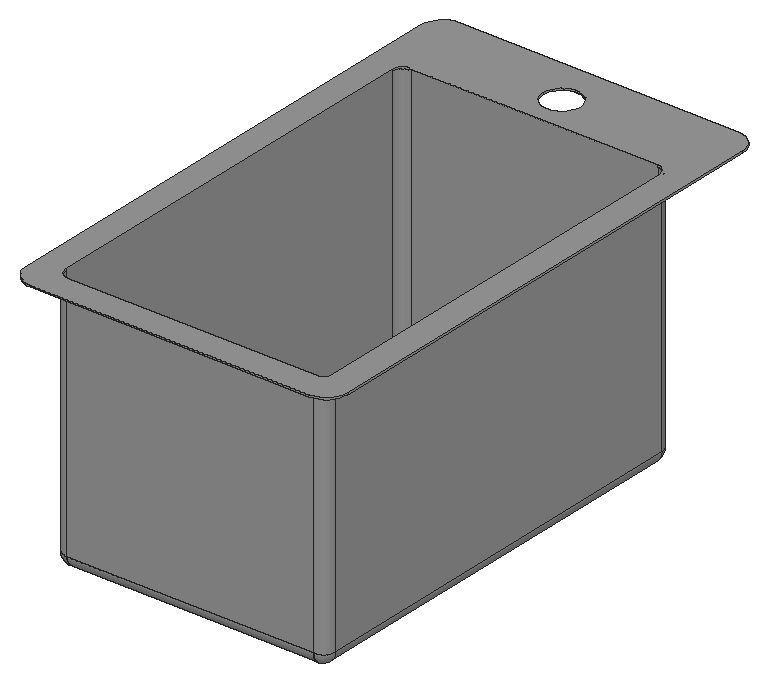
Revit family "BUILDMAT-SNGDTL021-Harper-300-Tap-Landing-Brass-Gold", category Plumbing Fixtures, host Face, Revit 2026
Family settings
  Host = Face
  Round Connector Dimension = Use Diameter
  Part Type = Normal
  Enable Cutting in Views = No
  Cut with Voids When Loaded = No
  Maintain Annotation Orientation = No
  Shared = No
  Room Calculation Point = No
Parameters (values of type "Harper 300x500x250mm Brushed Brass Gold")
  Width = 250.0 mm
  Undermount [instance] = 0.0 mm
  URL = "https://www.buildmat.com.au/products/harper-300-single-bowl-tap-landing-sink"
  Model = "TLAN021"  # constant formula
  Manufacturer URL = "https://www.buildmat.com.au/"
  Manufacturer = "BUILDMAT"  # constant formula
  Length = 400.0 mm
  Description = "BUILDMAT - Harper 300x500 Single Bowl with Tap Landing Sink"  # constant formula
  Depth = 250.0 mm
  Default Elevation = 1219.2 mm
  Created By URL = "https://www.buildmat.com.au/"
  Created By = "BUILDMAT"  # constant formula
  Created = "22.06.2022"  # constant formula
  Material = BUILDMAT Brass Gold
Reference planes
  plane 1 "Center (Front/Back)": y = 0
  plane 2: z = 0
  plane 3 "Center (Left/Right)": x = 0
  plane 4 "Top Substrate": z = 0
  plane 5 "Left": x = -125
  plane 6 "Right": x = 125
  plane 7 "Back": y = 200
  plane 8 "Front": y = -200
  plane 9: x = -150
  plane 10: x = 150
  plane 11: y = -225
  plane 12: y = 275
  plane 13 "Bottom Void": z = -250
  plane 14: z = 1.5
  plane 15: x = -126.5
  plane 16: y = -201.5
  plane 17: x = 126.5
  plane 18: y = 201.5
  plane 19: z = -240
  plane 20: z = -230
  plane 21: x = -115
  plane 22: x = 115
  plane 23: y = -190
  plane 24: y = 190
  plane 25: z = -245
  plane 26: z = -241.5
  plane 27: z = -246.5
  plane 28: x = -100
  plane 29: x = 100
  plane 30 "Sound Pad": z = -130
  plane 31 "Front Bracket": y = -100
  plane 32 "Back Bracket": y = 100
  plane 33: x = -25
  plane 34: x = 25
  plane 35: x = -57
  plane 36: x = 57
  plane 37: x = -45
  plane 38: x = 45
  plane 39: y = 232
  plane 40: y = 251.5
  plane 41: x = -138.2
  plane 42: z = -15
  plane 43: x = 138.2
  plane 44: x = -136.7
  plane 45: x = 136.7
Forms (mm)
  Extrusion 1, void
    sketch origin (0, 0, 0) x (1, 0, 0) y (0, 1, 0)
      loop
        arc (-115, 200) -> (-122.071, 197.071) -> (-125, 190) r 10
        line (-125, 190) -> (-125, -190)
        arc (-125, -190) -> (-122.071, -197.071) -> (-115, -200) r 10
        line (-115, -200) -> (115, -200)
        arc (115, -200) -> (122.071, -197.071) -> (125, -190) r 10
        line (125, -190) -> (125, 190)
        arc (125, 190) -> (122.071, 197.071) -> (115, 200) r 10
        line (115, 200) -> (-115, 200)
    from 0 to 1.5
  Extrusion 2, void
    sketch origin (0, 0, 0) x (1, 0, 0) y (0, 1, 0)
      loop
        line (-126.5, 201.5) -> (-126.5, -201.5) -> (126.5, -201.5) -> (126.5, 201.5) -> (-126.5, 201.5)
    from 0 to -250
  Extrusion 3, void
    sketch origin (0, 0, 0) x (1, 0, 0) y (0, 1, 0)
      loop
        arc (-130, 275) -> (-144.142, 269.142) -> (-150, 255) r 20
        line (-150, 255) -> (-150, -205)
        arc (-150, -205) -> (-144.142, -219.142) -> (-130, -225) r 20
        line (-130, -225) -> (130, -225)
        arc (130, -225) -> (144.142, -219.142) -> (150, -205) r 20
        line (150, -205) -> (150, 255)
        arc (150, 255) -> (144.142, 269.142) -> (130, 275) r 20
        line (130, 275) -> (-130, 275)
    from 1.5 to 0
  Extrusion 4, solid, material "BUILDMAT Brass Gold" <- "Material"
    sketch origin (0, 0, 0) x (-1, 0, 0) y (0, -1, 0)
      loop
        arc (130, -275) -> (144.142, -269.142) -> (150, -255) r 20
        line (150, -255) -> (150, 205)
        arc (150, 205) -> (144.142, 219.142) -> (130, 225) r 20
        line (130, 225) -> (-130, 225)
        arc (-130, 225) -> (-144.142, 219.142) -> (-150, 205) r 20
        line (-150, 205) -> (-150, -255)
        arc (-150, -255) -> (-144.142, -269.142) -> (-130, -275) r 20
        line (-130, -275) -> (130, -275)
      loop
        arc (115, -200) -> (122.071, -197.071) -> (125, -190) r 10
        line (125, -190) -> (125, 190)
        arc (125, 190) -> (122.071, 197.071) -> (115, 200) r 10
        line (115, 200) -> (-115, 200)
        arc (-115, 200) -> (-122.071, 197.071) -> (-125, 190) r 10
        line (-125, 190) -> (-125, -190)
        arc (-125, -190) -> (-122.071, -197.071) -> (-115, -200) r 10
        line (-115, -200) -> (115, -200)
    from 0 to 1.5
  Extrusion 5, solid, material "BUILDMAT Brass Gold" <- "Material"
    sketch origin (0, 0, 0) x (-1, 0, 0) y (0, -1, 0)
      loop
        arc (115, -201.5) -> (123.132, -198.132) -> (126.5, -190) r 11.5
        line (126.5, -190) -> (126.5, 190)
        arc (126.5, 190) -> (123.132, 198.132) -> (115, 201.5) r 11.5
        line (115, 201.5) -> (-115, 201.5)
        arc (-115, 201.5) -> (-123.132, 198.132) -> (-126.5, 190) r 11.5
        line (-126.5, 190) -> (-126.5, -190)
        arc (-126.5, -190) -> (-123.132, -198.132) -> (-115, -201.5) r 11.5
        line (-115, -201.5) -> (115, -201.5)
      loop
        arc (-115, 200) -> (-122.071, 197.071) -> (-125, 190) r 10
        line (-125, 190) -> (-125, -190)
        arc (-125, -190) -> (-122.071, -197.071) -> (-115, -200) r 10
        line (-115, -200) -> (115, -200)
        arc (115, -200) -> (122.071, -197.071) -> (125, -190) r 10
        line (125, -190) -> (125, 190)
        arc (125, 190) -> (122.071, 197.071) -> (115, 200) r 10
        line (115, 200) -> (-115, 200)
    from 0 to -230
  Revolve 6, solid, material "BUILDMAT Brass Gold" <- "Material"
    sketch origin (-175.162, 190, 1219.2) x (-1, 0, 0) y (0, 0, 1)
      loop
        line (-300.162, -1449.2) -> (-301.662, -1449.2)
        arc (-301.662, -1449.2) -> (-298.293, -1457.332) -> (-290.162, -1460.7) r 11.5
        line (-290.162, -1460.7) -> (-290.162, -1459.2)
        arc (-290.162, -1459.2) -> (-297.233, -1456.271) -> (-300.162, -1449.2) r 10
      axis (-290.162, -1460.7) -> (-290.162, -1449.2)
    angle from 0 to -90
  Revolve 7, solid, material "BUILDMAT Brass Gold" <- "Material"
    sketch origin (-175.162, 190, 1219.2) x (-1, 0, 0) y (0, 0, 1)
      loop
        arc (-50.162, -1449.2) -> (-53.091, -1456.271) -> (-60.162, -1459.2) r 10
        line (-60.162, -1459.2) -> (-60.162, -1460.7)
        arc (-60.162, -1460.7) -> (-52.03, -1457.332) -> (-48.662, -1449.2) r 11.5
        line (-48.662, -1449.2) -> (-50.162, -1449.2)
      axis (-60.162, -1449.2) -> (-60.162, -1460.7)
    angle from 0 to -90
  Revolve 8, solid, material "BUILDMAT Brass Gold" <- "Material"
    sketch origin (-175.162, -190, 1219.2) x (-1, 0, 0) y (0, 0, 1)
      loop
        arc (-50.162, -1449.2) -> (-53.091, -1456.271) -> (-60.162, -1459.2) r 10
        line (-60.162, -1459.2) -> (-60.162, -1460.7)
        arc (-60.162, -1460.7) -> (-52.03, -1457.332) -> (-48.662, -1449.2) r 11.5
        line (-48.662, -1449.2) -> (-50.162, -1449.2)
      axis (-60.162, -1449.2) -> (-60.162, -1460.7)
    angle from 0 to 90
  Revolve 9, solid, material "BUILDMAT Brass Gold" <- "Material"
    sketch origin (-175.162, -190, 1219.2) x (-1, 0, 0) y (0, 0, 1)
      loop
        line (-300.162, -1449.2) -> (-301.662, -1449.2)
        arc (-301.662, -1449.2) -> (-298.293, -1457.332) -> (-290.162, -1460.7) r 11.5
        line (-290.162, -1460.7) -> (-290.162, -1459.2)
        arc (-290.162, -1459.2) -> (-297.233, -1456.271) -> (-300.162, -1449.2) r 10
      axis (-290.162, -1449.2) -> (-290.162, -1460.7)
    angle from 0 to 90
  Extrusion 10, solid, material "BUILDMAT Brass Gold" <- "Material"
    sketch origin (0, 0, 0) x (1, 0, 0) y (0, 0, 1)
      loop
        line (-125, -230) -> (-126.5, -230)
        arc (-126.5, -230) -> (-123.132, -238.132) -> (-115, -241.5) r 11.5
        line (-115, -241.5) -> (-115, -240)
        arc (-115, -240) -> (-122.071, -237.071) -> (-125, -230) r 10
    from -190 to 190
  Extrusion 11, solid, material "BUILDMAT Brass Gold" <- "Material"
    sketch origin (0, 0, 0) x (1, 0, 0) y (0, 0, 1)
      loop
        arc (125, -230) -> (122.071, -237.071) -> (115, -240) r 10
        line (115, -240) -> (115, -241.5)
        arc (115, -241.5) -> (123.132, -238.132) -> (126.5, -230) r 11.5
        line (126.5, -230) -> (125, -230)
    from -190 to 190
  Extrusion 12, solid, material "BUILDMAT Brass Gold" <- "Material"
    sketch origin (0, 0, 0) x (0, 1, 0) y (0, 0, 1)
      loop
        arc (200, -230) -> (197.071, -237.071) -> (190, -240) r 10
        line (190, -240) -> (190, -241.5)
        arc (190, -241.5) -> (198.132, -238.132) -> (201.5, -230) r 11.5
        line (201.5, -230) -> (200, -230)
    from -115 to 115
  Extrusion 13, solid, material "BUILDMAT Brass Gold" <- "Material"
    sketch origin (0, 0, 0) x (0, 1, 0) y (0, 0, 1)
      loop
        line (-200, -230) -> (-201.5, -230)
        arc (-201.5, -230) -> (-198.132, -238.132) -> (-190, -241.5) r 11.5
        line (-190, -241.5) -> (-190, -240)
        arc (-190, -240) -> (-197.071, -237.071) -> (-200, -230) r 10
    from -115 to 115
  Revolve 14, solid, material "BUILDMAT Brass Gold" <- "Material"
    sketch origin (0, 0, 0) x (1, 0, 0) y (0, 0, 1)
      loop
        line (-45, -250) -> (-45, -248.5)
        spline (-45, -248.5) -> (-46.484, -248.459) -> (-47.939, -248.339) -> (-49.337, -248.141) -> (-50.649, -247.871) -> (-51.848, -247.537) -> (-52.908, -247.151) -> (-53.805, -246.726) -> (-54.514, -246.283) -> (-55.023, -245.856) -> (-55.329, -245.483) -> (-55.468, -245.202) -> (-55.5, -245)
        line (-55.5, -245) -> (-57, -245)
        spline (-57, -245) -> (-56.897, -245.653) -> (-56.591, -246.294) -> (-56.087, -246.913) -> (-55.392, -247.5) -> (-54.52, -248.044) -> (-53.485, -248.536) -> (-52.305, -248.967) -> (-51, -249.33) -> (-49.592, -249.619) -> (-48.106, -249.83) -> (-46.566, -249.957) -> (-45, -250)
      axis (0, -245) -> (0, -250)
    angle from 0 to 360
  Blend 15, solid, material "BUILDMAT Brass Gold" <- "Material"
    base sketch origin (0, 0, 0) x (-1, 0, 0) y (0, -1, 0)
      loop
        circle (0, 0) r 57
    top sketch origin (0, 0, 0) x (-1, 0, 0) y (0, -1, 0)
      loop
        line (115, -190) -> (115, 190) -> (-115, 190) -> (-115, -190) -> (115, -190)
    from -246.5 to -241.5
  Blend 16, void
    base sketch origin (0, 0, 0) x (-1, 0, 0) y (0, -1, 0)
      loop
        circle (0, 0) r 57
    top sketch origin (0, 0, 0) x (-1, 0, 0) y (0, -1, 0)
      loop
        line (115, -190) -> (115, 190) -> (-115, 190) -> (-115, -190) -> (115, -190)
    from -245 to -240
  Extrusion 17, solid, material "BUILDMAT Brass Gold" <- "Material"
    sketch origin (0, 0, 0) x (-1, 0, 0) y (0, -1, 0)
      loop
        line (115, -190) -> (115, 190) -> (-115, 190) -> (-115, -190) -> (115, -190)
    from -241.5 to -240
  Extrusion 18, void
    sketch origin (0, 0, 0) x (-1, 0, 0) y (0, -1, 0)
      loop
        circle (0, 0) r 57
    from -250 to -230
  Extrusion 19, void
    sketch origin (0, 0, 0) x (-1, 0, 0) y (0, -1, 0)
      loop
        circle (0, -232) r 17.5
    from 0 to 100
Cuts and joins
  Extrusion 19 cuts Extrusion 4
  Extrusion 19 cuts Extrusion 5
  joined: Extrusion 4, Extrusion 5
  joined: Revolve 6, Revolve 9
  joined: Revolve 7, Revolve 8
  Blend 16, Extrusion 18 cuts Blend 15
  Blend 16, Extrusion 18 cuts Extrusion 17
  joined: Blend 15, Extrusion 17
Lines and regions (mm)
  Masking region 1
    outline origin (0, 0, 0) x (1, 0, 0) y (0, 0, 1)
      loop
        line (125, 0) -> (-125, 0) -> (-125, -230)
        arc (-125, -230) -> (-122.071, -237.071) -> (-115, -240) r 10
        line (-115, -240) -> (-57, -245) -> (57, -245) -> (115, -240)
        arc (115, -240) -> (122.071, -237.071) -> (125, -230) r 10
        line (125, -230) -> (125, 0)
  Masking region 2
    outline origin (0, 0, 0) x (1, 0, 0) y (0, 0, 1)
      loop
        line (-100, -242.793) -> (-100, -250) -> (-57, -250) -> (-57, -246.5) -> (-100, -242.793)
  Masking region 3
    outline origin (0, 0, 0) x (1, 0, 0) y (0, 0, 1)
      loop
        line (57, -246.5) -> (57, -250) -> (100, -250) -> (100, -242.793) -> (57, -246.5)
  Masking region 4
    outline origin (0, 0, 0) x (1, 0, 0) y (0, 0, 1)
      loop
        line (-138.2, 0) -> (-138.2, -15) -> (-136.7, -15) -> (-136.7, 0) -> (-138.2, 0)
  Masking region 5
    outline origin (0, 0, 0) x (1, 0, 0) y (0, 0, 1)
      loop
        line (136.7, 0) -> (136.7, -15) -> (138.2, -15) -> (138.2, 0) -> (136.7, 0)
Text (mm)
  text "Refer to www.buildmat.com.au for the most current product literature. \nAllow a +/- 5mm tolerance for dimensions shown in the product literature. \nPlease note product details are subject to change due to ongoing product development." at (0.056, -1035.857, 0), in view "Ref. Level"
Dimensions and locks
  "Undermount": plane 2 to plane 4 "Top Substrate"
  equal spacing: plane 5 "Left", plane 3 "Center (Left/Right)", plane 6 "Right"
  "Width": plane 5 "Left" to plane 6 "Right"
  "Length": plane 7 "Back" to plane 8 "Front"
  equal spacing: plane 7 "Back", plane 1 "Center (Front/Back)", plane 8 "Front"
  locked: plane 12 to plane 7 "Back" at 75
  locked: plane 8 "Front" to plane 11 at 25
  locked: plane 9 to plane 5 "Left" at 25
  locked: plane 6 "Right" to plane 10 at 25
  "Depth": plane 4 "Top Substrate" to plane 13 "Bottom Void"
  locked: plane 14 to plane 4 "Top Substrate" at 1.5
  locked: plane 18 to plane 7 "Back" at 1.5
  locked: plane 8 "Front" to plane 16 at 1.5
  plane 15 to plane 5 "Left" = 1.5 mm
  plane 6 "Right" to plane 17 = 1.5 mm
  plane 20 to plane 19 to plane 13 "Bottom Void" = 10.0 mm, 10.0 mm
  locked: plane 5 "Left" to plane 21 at 10
  locked: plane 22 to plane 6 "Right" at 10
  locked: plane 7 "Back" to plane 24 at 10
  locked: plane 23 to plane 8 "Front" at 10
  locked: plane 19 to plane 26 at 1.5
  locked: plane 25 to plane 13 "Bottom Void" at 5
  locked: plane 25 to plane 27 at 1.5
  plane 29 to plane 3 "Center (Left/Right)" to plane 28 = 100.0 mm locked, 100.0 mm locked
  locked: plane 30 "Sound Pad" to plane 13 "Bottom Void" at 120
  locked: plane 7 "Back" to plane 32 "Back Bracket" at 100
  locked: plane 31 "Front Bracket" to plane 8 "Front" at 100
  locked: plane 33 to plane 5 "Left" at 100
  locked: plane 6 "Right" to plane 34 at 100
  plane 37 to plane 3 "Center (Left/Right)" to plane 38 = 45.0 mm locked, 45.0 mm locked
  plane 35 to plane 3 "Center (Left/Right)" to plane 36 = 57.0 mm locked, 57.0 mm locked
  locked: plane 12 to plane 39 at 43
  locked: plane 40 to plane 18 at 50
  plane 44 to plane 41 to plane 9 = 1.5 mm locked, 11.8 mm locked
  plane 10 to plane 43 to plane 45 = 11.8 mm locked, 1.5 mm locked
  locked: plane 4 "Top Substrate" to plane 42 at 15
  aligned and locked: plane 2 to host face
  aligned and locked: level to host face
  aligned and locked: plane 8 "Front" to Extrusion 1 sketch curve
  aligned and locked: Extrusion 1 sketch curve to plane 7 "Back"
  aligned and locked: plane 5 "Left" to Extrusion 1 sketch curve
  aligned and locked: Extrusion 1 sketch curve to plane 6 "Right"
  aligned and locked: plane 2 to Extrusion 1
  aligned and locked: Extrusion 1 to plane 14
  aligned and locked: plane 16 to Extrusion 2 sketch curve
  aligned and locked: Extrusion 2 sketch curve to plane 18
  aligned and locked: plane 15 to Extrusion 2 sketch curve
  aligned and locked: plane 17 to Extrusion 2 sketch curve
  aligned and locked: Extrusion 2 to plane 13 "Bottom Void"
  aligned and locked: plane 4 "Top Substrate" to Extrusion 2
  aligned and locked: plane 11 to Extrusion 3 sketch curve
  aligned and locked: plane 9 to Extrusion 3 sketch curve
  aligned and locked: Extrusion 3 sketch curve to plane 10
  aligned and locked: Extrusion 3 sketch curve to plane 12
  aligned and locked: Extrusion 3 to plane 4 "Top Substrate"
  aligned and locked: plane 14 to Extrusion 3
  aligned and locked: plane 11 to Extrusion 4 sketch curve
  aligned and locked: Extrusion 4 sketch curve to plane 12
  aligned and locked: plane 9 to Extrusion 4 sketch curve
  aligned and locked: Extrusion 4 sketch curve to plane 10
  aligned and locked: plane 5 "Left" to Extrusion 4 sketch curve
  aligned and locked: Extrusion 4 sketch curve to plane 6 "Right"
  aligned and locked: Extrusion 4 sketch curve to plane 7 "Back"
  aligned and locked: plane 8 "Front" to Extrusion 4 sketch curve
  aligned and locked: Extrusion 5 sketch curve to plane 7 "Back"
  aligned and locked: plane 5 "Left" to Extrusion 5 sketch curve
  aligned and locked: Extrusion 5 sketch curve to plane 6 "Right"
  aligned and locked: plane 8 "Front" to Extrusion 5 sketch curve
  aligned and locked: plane 15 to Extrusion 5 sketch curve
  aligned and locked: plane 16 to Extrusion 5 sketch curve
  aligned and locked: plane 17 to Extrusion 5 sketch curve
  aligned and locked: Extrusion 5 sketch curve to plane 18
  aligned and locked: Extrusion 5 to plane 20
  aligned and locked: plane 4 "Top Substrate" to Extrusion 5
  aligned and locked: Extrusion 11 to plane 23
  aligned and locked: plane 24 to Extrusion 11
  aligned and locked: plane 24 to Extrusion 10
  aligned and locked: Extrusion 10 to plane 23
  aligned and locked: Extrusion 13 to plane 21
  aligned and locked: plane 22 to Extrusion 13
  aligned and locked: plane 22 to Extrusion 12
  aligned and locked: Extrusion 12 to plane 21
  aligned and locked: plane 21 to Blend 15 sketch curve
  aligned and locked: Blend 15 sketch curve to plane 22
  aligned and locked: plane 23 to Blend 15 sketch curve
  aligned and locked: Blend 15 sketch curve to plane 24
  aligned and locked: plane 27 to Blend 15
  aligned and locked: plane 26 to Blend 15
  aligned and locked: Blend 16 sketch curve to plane 24
  aligned and locked: plane 21 to Blend 16 sketch curve
  aligned and locked: Blend 16 sketch curve to plane 22
  aligned and locked: plane 23 to Blend 16 sketch curve
  aligned and locked: Blend 16 to plane 25
  aligned and locked: plane 19 to Blend 16
  aligned and locked: Extrusion 17 sketch curve to plane 24
  aligned and locked: plane 23 to Extrusion 17 sketch curve
  aligned and locked: plane 21 to Extrusion 17 sketch curve
  aligned and locked: Extrusion 17 sketch curve to plane 22
  aligned and locked: Extrusion 17 to plane 26
  aligned and locked: plane 19 to Extrusion 17
  aligned and locked: Extrusion 18 to plane 13 "Bottom Void"
  aligned and locked: plane 20 to Extrusion 18
  aligned and locked: cut or joined group of Blend 15, Blend 16, Extrusion 17, Extrusion 18 to Masking region 2 sketch curve
  aligned and locked: Masking region 3 sketch curve to cut or joined group of Blend 15, Blend 16, Extrusion 17, Extrusion 18
  aligned and locked: plane 3 "Center (Left/Right)" to nested 1
  aligned and locked: nested 1 to plane 30 "Sound Pad"
  aligned and locked: plane 31 "Front Bracket" to nested 3
  aligned and locked: plane 15 to nested 3
  aligned and locked: nested 5 to plane 31 "Front Bracket"
  aligned and locked: plane 17 to nested 5
  aligned and locked: nested 4 to plane 32 "Back Bracket"
  aligned and locked: plane 17 to nested 4
  aligned and locked: plane 32 "Back Bracket" to nested 2
  aligned and locked: plane 15 to nested 2
  aligned and locked: nested 6 to plane 4 "Top Substrate"
  aligned and locked: nested 6 to plane 33
  aligned and locked: nested 7 to plane 4 "Top Substrate"
  aligned and locked: nested 7 to plane 34
  aligned and locked: nested 10 to plane 33
  aligned and locked: nested 11 to plane 34
  aligned and locked: plane 16 to nested 10
  aligned and locked: plane 16 to nested 11
  aligned and locked: plane 33 to nested 8
  aligned and locked: plane 34 to nested 9
  aligned and locked: plane 23 to nested 12
  aligned and locked: plane 24 to nested 12
  aligned and locked: plane 22 to nested 12
  aligned and locked: plane 21 to nested 12
  aligned and locked: plane 3 "Center (Left/Right)" to nested 13
  aligned and locked: plane 1 "Center (Front/Back)" to nested 13
  aligned and locked: plane 4 "Top Substrate" to Masking region 1
  aligned and locked: nested 9 to plane 40
  aligned and locked: nested 8 to plane 40
  aligned and locked: Extrusion 19 to plane 4 "Top Substrate"
  aligned and locked: Masking region 4 sketch curve to plane 4 "Top Substrate"
  aligned and locked: Masking region 4 sketch curve to plane 42
  aligned and locked: Masking region 4 sketch curve to plane 41
  aligned and locked: Masking region 4 sketch curve to plane 44
  aligned and locked: Masking region 5 sketch curve to plane 4 "Top Substrate"
  aligned and locked: Masking region 5 sketch curve to plane 42
  aligned and locked: Masking region 5 sketch curve to plane 43
  aligned and locked: Masking region 5 sketch curve to plane 45
Automatic sketch dimensions
  host sketch curve to host sketch curve = 2438.4 mm  (x2)
  plane 5 "Left" to Extrusion 1 sketch curve = 10.0 mm  (x2)
  Extrusion 1 sketch curve to plane 6 "Right" = 10.0 mm  (x2)
  Extrusion 4 sketch curve to plane 10 = 20.0 mm  (x2)
  Extrusion 4 sketch curve to Extrusion 4 sketch curve = 10.0 mm  (x2)
  plane 5 "Left" to Extrusion 4 sketch curve = 10.0 mm
  plane 9 to Extrusion 4 sketch curve = 20.0 mm
  plane 8 "Front" to Extrusion 4 sketch curve = 10.0 mm
  plane 11 to Extrusion 4 sketch curve = 20.0 mm
  Extrusion 3 sketch curve to plane 5 "Left" = 5.0 mm
  plane 6 "Right" to Extrusion 3 sketch curve = 5.0 mm  (x2)
  plane 7 "Back" to Extrusion 3 sketch curve = 55.0 mm
  plane 5 "Left" to Extrusion 5 sketch curve = 10.0 mm
  Extrusion 5 sketch curve to plane 6 "Right" = 10.0 mm
  plane 8 "Front" to Extrusion 5 sketch curve = 10.0 mm
  Extrusion 5 sketch curve to plane 7 "Back" = 10.0 mm
  Extrusion 5 sketch curve to Extrusion 5 sketch curve = 0.0 mm  (x4)
  Revolve 6 sketch curve to Revolve 6 sketch curve = 0.0 mm  (x3)
  plane 17 to Revolve 6 sketch curve = 0.0 mm
  Revolve 6 sketch curve to plane 6 "Right" = 0.0 mm
  Revolve 6 sketch curve to plane 22 = 0.0 mm  (x2)
  Revolve 6 sketch curve to plane 19 = 0.0 mm
  Revolve 6 sketch curve to plane 20 = 0.0 mm
  Revolve 7 sketch curve to Revolve 7 sketch curve = 0.0 mm  (x3)
  Revolve 7 sketch curve to plane 20 = 0.0 mm  (x2)
  Revolve 7 sketch curve to plane 21 = 0.0 mm  (x2)
  Revolve 7 sketch curve to plane 5 "Left" = 0.0 mm
  Revolve 7 sketch curve to plane 15 = 0.0 mm
  Revolve 8 sketch curve to Revolve 8 sketch curve = 0.0 mm  (x3)
  Revolve 8 sketch curve to plane 20 = 0.0 mm  (x2)
  Revolve 8 sketch curve to plane 21 = 0.0 mm  (x2)
  Revolve 8 sketch curve to plane 5 "Left" = 0.0 mm
  Revolve 8 sketch curve to plane 15 = 0.0 mm
  Revolve 9 sketch curve to Revolve 9 sketch curve = 0.0 mm  (x3)
  plane 17 to Revolve 9 sketch curve = 0.0 mm
  Revolve 9 sketch curve to plane 6 "Right" = 0.0 mm
  Revolve 9 sketch curve to plane 22 = 0.0 mm  (x2)
  Revolve 9 sketch curve to plane 20 = 0.0 mm
  Revolve 9 sketch curve to plane 19 = 0.0 mm
  Extrusion 10 sketch curve to plane 15 = 0.0 mm
  Extrusion 10 sketch curve to plane 5 "Left" = 0.0 mm
  Extrusion 10 sketch curve to plane 19 = 0.0 mm
  Extrusion 10 sketch curve to plane 21 = 0.0 mm
  Extrusion 11 sketch curve to plane 20 = 0.0 mm
  Extrusion 11 sketch curve to plane 22 = 0.0 mm
  Extrusion 11 sketch curve to plane 6 "Right" = 0.0 mm
  plane 17 to Extrusion 11 sketch curve = 0.0 mm
  Extrusion 12 sketch curve to plane 20 = 0.0 mm
  Extrusion 12 sketch curve to plane 24 = 0.0 mm
  Extrusion 12 sketch curve to plane 7 "Back" = 0.0 mm
  Extrusion 12 sketch curve to plane 18 = 0.0 mm
  Extrusion 13 sketch curve to plane 16 = 0.0 mm
  Extrusion 13 sketch curve to plane 8 "Front" = 0.0 mm
  Extrusion 13 sketch curve to plane 23 = 0.0 mm
  Extrusion 13 sketch curve to plane 19 = 0.0 mm
  Revolve 14 sketch curve to plane 25 = 0.0 mm
  Revolve 14 sketch curve to plane 13 "Bottom Void" = 0.0 mm  (x2)
  Revolve 14 sketch curve to plane 3 "Center (Left/Right)" = 0.0 mm
  Revolve 14 sketch curve to plane 20 = 0.0 mm
  Revolve 14 sketch curve to plane 3 "Center (Left/Right)" = 45.0 mm
  Revolve 14 sketch curve to Revolve 14 sketch curve = 10.5 mm
  Revolve 14 sketch curve to Revolve 14 sketch curve = 1.5 mm  (x2)
  Revolve 14 sketch curve to Revolve 14 sketch curve = 0.0 mm
  plane 1 "Center (Front/Back)" to Blend 15 sketch curve = 0.0 mm
  Blend 15 sketch curve to plane 3 "Center (Left/Right)" = 0.0 mm
  plane 1 "Center (Front/Back)" to Blend 16 sketch curve = 0.0 mm
  Blend 16 sketch curve to plane 3 "Center (Left/Right)" = 0.0 mm
  plane 1 "Center (Front/Back)" to Extrusion 18 sketch curve = 0.0 mm
  Extrusion 18 sketch curve to plane 3 "Center (Left/Right)" = 0.0 mm
  Masking region 1 sketch curve to level = 0.0 mm
  Masking region 1 sketch curve to plane 20 = 0.0 mm
  Masking region 1 sketch curve to plane 21 = 0.0 mm
  Masking region 1 sketch curve to plane 25 = 0.0 mm
  Masking region 1 sketch curve to plane 3 "Center (Left/Right)" = 57.0 mm
  plane 3 "Center (Left/Right)" to Masking region 1 sketch curve = 57.0 mm
  Masking region 1 sketch curve to plane 19 = 0.0 mm
  Masking region 1 sketch curve to plane 22 = 0.0 mm
  Masking region 1 sketch curve to plane 6 "Right" = 0.0 mm
  Masking region 1 sketch curve to plane 5 "Left" = 0.0 mm
  Masking region 2 sketch curve to plane 28 = 0.0 mm
  Masking region 2 sketch curve to plane 13 "Bottom Void" = 0.0 mm
  Masking region 2 sketch curve to plane 27 = 0.0 mm
  Masking region 3 sketch curve to plane 27 = 0.0 mm
  Masking region 3 sketch curve to plane 13 "Bottom Void" = 0.0 mm
  Masking region 3 sketch curve to plane 29 = 0.0 mm
  Extrusion 19 sketch curve to plane 3 "Center (Left/Right)" = 0.0 mm
  Extrusion 19 sketch curve to plane 39 = 0.0 mm
  radius of Blend 15 sketch curve = 57.0 mm
  radius of Blend 16 sketch curve = 57.0 mm
  radius of Extrusion 18 sketch curve = 57.0 mm
  radius of Extrusion 19 sketch curve = 17.5 mm
Nested families
  nested 1: "SP_Front" at (0, 0, -130) x (1, 0, 0) z (0, -1, 0), type "SP_Front", not visible
  nested 2: "TMB_Plan" at (-126.5, 100, 0) x (0, 1, 0) z (0, 0, 1), type "TMB_Plan"
  nested 3: "TMB_Plan" at (-126.5, -100, 0) x (0, 1, 0) z (0, 0, 1), type "TMB_Plan"
  nested 4: "TMB_Plan" at (126.5, 100, 0) x (0, -1, 0) z (0, 0, 1), type "TMB_Plan"
  nested 5: "TMB_Plan" at (126.5, -100, 0) x (0, -1, 0) z (0, 0, 1), type "TMB_Plan"
  nested 6: "TMB_Front" at (-25, 0, 0) x (1, 0, 0) z (0, -1, 0), type "TMB_Front"
  nested 7: "TMB_Front" at (25, 0, 0) x (1, 0, 0) z (0, -1, 0), type "TMB_Front"
  nested 8: "TMB_Plan" at (-25, 251.5, 0), type "TMB_Plan"
  nested 9: "TMB_Plan" at (25, 251.5, 0), type "TMB_Plan"
  nested 10: "TMB_Plan" at (-25, -201.5, 0) x (-1, 0, 0) z (0, 0, 1), type "TMB_Plan"
  nested 11: "TMB_Plan" at (25, -201.5, 0) x (-1, 0, 0) z (0, 0, 1), type "TMB_Plan"
  nested 12: "BOWL Plan" at (0, 0, -130), type "BOWL Plan"
    with Width 230.0 mm, Lenght 380.0 mm
  nested 13: "DRAIN" at (0, 0, 0), type "DRAIN"
Definition of nested family "SP_Front"
  Reference planes
    plane 1 "Center (Elevation)": y = 0
    plane 2: z = 0
    plane 3 "Center (Left/Right)": x = 0
  Lines and regions (mm)
    Masking region 1, in view "Ref. Level"
      outline origin (0, 0, 0) x (1, 0, 0) y (0, 1, 0)
        loop
          arc (-50, 40) -> (-57.071, 37.071) -> (-60, 30) r 10
          line (-60, 30) -> (-60, -30)
          arc (-60, -30) -> (-57.071, -37.071) -> (-50, -40) r 10
          line (-50, -40) -> (50, -40)
          arc (50, -40) -> (57.071, -37.071) -> (60, -30) r 10
          line (60, -30) -> (60, 30)
          arc (60, 30) -> (57.071, 37.071) -> (50, 40) r 10
          line (50, 40) -> (-50, 40)
    detail lines, in view "Ref. Level"
      curve 1: line (-50, 40, 0) -> (50, 40, 0)
      curve 2: line (50, -40, 0) -> (-50, -40, 0)
      curve 3: line (60, 30, 0) -> (60, -30, 0)
      curve 4: line (-60, 30, 0) -> (-60, -30, 0)
      curve 5: arc (-50, 40, 0) -> (-57.071, 37.071, 0) -> (-60, 30, 0) r 10
      curve 6: arc (-60, -30, 0) -> (-57.071, -37.071, 0) -> (-50, -40, 0) r 10
      curve 7: arc (50, -40, 0) -> (57.071, -37.071, 0) -> (60, -30, 0) r 10
      curve 8: arc (60, 30, 0) -> (57.071, 37.071, 0) -> (50, 40, 0) r 10
  Dimensions and locks
    aligned and locked: Masking region 1 sketch curve to curve 1
    aligned and locked: Masking region 1 sketch curve to curve 4
    aligned and locked: Masking region 1 sketch curve to curve 2
    aligned and locked: Masking region 1 sketch curve to curve 3
Definition of nested family "TMB_Plan"
  Reference planes
    plane 1 "Center (Front/Back)": y = 0
    plane 2: z = 0
    plane 3 "Center (Left/Right)": x = 0
  Lines and regions (mm)
    detail lines, in view "Ref. Level"
      curve 1: line (-17.5, 0, 0) -> (17.5, 0, 0)
      curve 2: line (17.5, 0, 0) -> (17.5, 5, 0)
      curve 3: line (17.5, 5, 0) -> (12.5, 5, 0)
      curve 4: line (-17.5, 0, 0) -> (-17.5, 5, 0)
      curve 5: line (-17.5, 5, 0) -> (-12.5, 5, 0)
Definition of nested family "TMB_Front"
  Reference planes
    plane 1 "Center (Elevation)": y = 0
    plane 2: z = 0
    plane 3 "Center (Left/Right)": x = 0
  Lines and regions (mm)
    Masking region 1, in view "Ref. Level"
      outline origin (0, 0, 0) x (1, 0, 0) y (0, 1, 0)
        loop
          line (-17.5, 0) -> (-17.5, -80) -> (17.5, -80) -> (17.5, 0) -> (-17.5, 0)
    detail lines, in view "Ref. Level"
      curve 1: line (-17.5, 0, 0) -> (-17.5, -80, 0)
      curve 2: line (-17.5, -80, 0) -> (17.5, -80, 0)
      curve 3: line (17.5, -80, 0) -> (17.5, 0, 0)
      curve 4: line (-12.5, -50, 0) -> (12.5, -50, 0)
      curve 5: line (-12.5, -75, 0) -> (-12.5, -50, 0)
      curve 6: line (12.5, -75, 0) -> (-12.5, -75, 0)
      curve 7: line (12.5, -50, 0) -> (12.5, -75, 0)
Definition of nested family "BOWL Plan"
  Parameters (values of type "BOWL Plan")
    Width [instance] = 600.0 mm
    Lenght [instance] = 400.0 mm
  Reference planes
    plane 1 "Center (Front/Back)": y = 0
    plane 2: z = 0
    plane 3 "Center (Left/Right)": x = 0
    plane 4 "Left": x = -300
    plane 5 "Right": x = 300
    plane 6 "Back": y = 200
    plane 7 "Front": y = -200
  Lines and regions (mm)
    Masking region 1, in view "Ref. Level"
      outline origin (0, 0, 0) x (1, 0, 0) y (0, 1, 0)
        loop
          line (-300, 200) -> (-300, -200) -> (300, -200) -> (300, 200) -> (-300, 200)
    detail lines, in view "Ref. Level"
      curve 1: line (-300, 200, 0) -> (300, -200, 0)
      curve 2: line (-300, -200, 0) -> (300, 200, 0)
  Dimensions and locks
    equal spacing: plane 6 "Back", plane 1 "Center (Front/Back)", plane 7 "Front"
    "Lenght": plane 6 "Back" to plane 7 "Front"
    equal spacing: plane 4 "Left", plane 3 "Center (Left/Right)", plane 5 "Right"
    "Width": plane 4 "Left" to plane 5 "Right"
    aligned and locked: plane 4 "Left" to Masking region 1 sketch curve
    aligned and locked: Masking region 1 sketch curve to plane 5 "Right"
    aligned and locked: plane 7 "Front" to Masking region 1 sketch curve
    aligned and locked: Masking region 1 sketch curve to plane 6 "Back"
  Automatic sketch dimensions
    curve 2 to plane 4 "Left" = 0.0 mm
    curve 1 to plane 4 "Left" = 0.0 mm
    curve 2 to plane 5 "Right" = 0.0 mm
    curve 1 to plane 5 "Right" = 0.0 mm
    curve 1 to plane 7 "Front" = 0.0 mm
    curve 2 to plane 7 "Front" = 0.0 mm
    curve 2 to plane 6 "Back" = 0.0 mm
    curve 1 to plane 6 "Back" = 0.0 mm
Definition of nested family "DRAIN"
  Reference planes
    plane 1 "Center (Front/Back)": y = 0
    plane 2: z = 0
    plane 3 "Center (Left/Right)": x = 0
  Lines and regions (mm)
    Masking region 1, in view "Ref. Level"
      outline origin (0, 0, 0) x (1, 0, 0) y (0, 1, 0)
        loop
          circle (0, 0) r 57
    detail lines, in view "Ref. Level"
      curve 1: circle (0, 0, 0) r 45 normal (0, 0, 1)
      curve 2: circle (0, 0, 0) r 55.5 normal (0, 0, 1)
